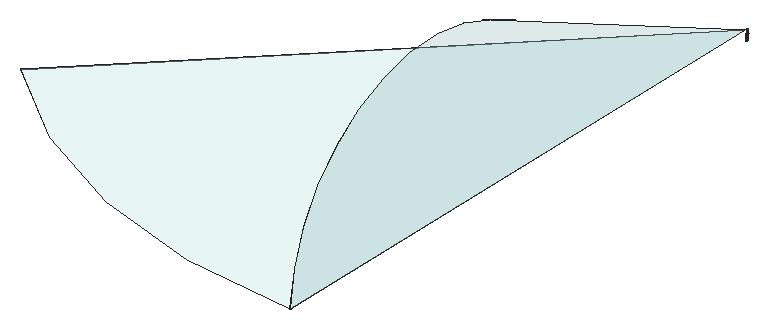
Revit family "Rotor 5000 Series - 5004+PCSAMRSS", category Acessórios do tubo, Revit 2020
Family settings
  Cota do conector redondo = Utilizar diâmetro
  Tipo de parte = Normal
  Número OmniClass = 23.60.30.11.14
  Título OmniClass = Pipework Fittings
  Com base no plano de trabalho = Não
  Sempre na vertical = Sim
  Corte com vazios quando carregada = Não
  Compartilhado = Não
Parameters (values of type "Rain Curtain 6.0")
  Water = Water
  URL = "https://www.rainbird.com/"
  TABLE 65 = "TABLE 65psi"
  TABLE 55 75 = "TABLE 55 75psi"
  TABLE 55 = "TABLE 55psi"
  TABLE 45 = "TABLE 45psi"
  TABLE 35 = "TABLE 35psi"
  TABLE 25 = "TABLE 25psi"
  SupportProjetos: Reviw Date = ""  # constant formula
  SupportProjetos: Reviw = "R00"  # constant formula
  SupportProjetos: Level of Detail = "LOD 300"  # constant formula
  SupportProjetos: Developed = "MICHEL SOARES MOTA"  # constant formula
  SupportProjetos: Creation Date = "07/08/2020"  # constant formula
  Side inlet = no
  Rotation Water Visibility [instance] = Pop up on  # yes
  Rotation Angle [instance] = 45.00°
  RainBird: Product Link = "https://www.rainbird.com/"
  RainBird: Description = "5004+PC-SAM-R-SS Rotor "  # constant formula
  RainBird: Comment [instance] = ""
  RainBird: Code = "Y65750SS"  # constant formula
  Radius [instance] = if(and(Pressure = 25.0 psi, Instance < 25 ft), size_lookup(TABLE 25, "Radius", 0 ft, Instance), if(and(Pressure = 35.0 psi, Instance < 25 ft), size_lookup(TABLE 35, "Radius", 0 ft, Instance), if(and(Pressure = 45.0 psi, Instance < 25 ft), size_lookup(TABLE 45, "Radius", 0 ft, Instance), if(and(Pressure = 55.0 psi, Instance < 13 ft), size_lookup(TABLE 55, "Radius", 0 ft, Instance), if(and(Pressure = 65.0 psi, Instance < 13 ft), size_lookup(TABLE 65, "Radius", 0 ft, Instance), if(and(Pressure > 55.0 psi, Instance > 13 ft), size_lookup(TABLE 55 75, "Radius", 0 ft, Instance), 0 ft))))))  # 50 ft
  RT = 0.009893 ft
  RN = 0.032808 ft
  R5 = 0.03937 ft
  R4 = 0.04101 ft
  R3 = 0.065617 ft
  R2 = 0.075407 ft
  R1 = 0.032808 ft
  Pressure [instance] = 55.0 psi
  Pop up height = 0.334646 ft
  Pop up on [instance] = yes
  Modelo = "5004+PCSAMRSS"  # constant formula
  Instance = 7 ft
  H1 = Body height / 3  # 0.194663 ft
  Flow [instance] = if(and(Pressure = 25.0 psi, Instance < 25 ft), size_lookup(TABLE 25, "Flow", 0.0 GPM, Instance), if(and(Pressure = 35.0 psi, Instance < 25 ft), size_lookup(TABLE 35, "Flow", 0.0 GPM, Instance), if(and(Pressure = 45.0 psi, Instance < 25 ft), size_lookup(TABLE 45, "Flow", 0.0 GPM, Instance), if(and(Pressure = 55.0 psi, Instance < 13 ft), size_lookup(TABLE 55, "Flow", 0.0 GPM, Instance), if(and(Pressure = 65.0 psi, Instance < 13 ft), size_lookup(TABLE 65, "Flow", 0.0 GPM, Instance), if(and(Pressure > 55.0 psi, Instance > 13 ft), size_lookup(TABLE 55 75, "Flow", 0.0 GPM, Instance), 0.0 GPM))))))  # 6.63 GPM
  Fabricante = "Rain Bird"
  Elevação padrão = 0 ft
  Description = RainBird: Description  # "5004+PC-SAM-R-SS Rotor "
  DD13 = 0.002625 ft
  DD12 = 0.003937 ft
  DD11 = 0.009897 ft
  DD10 = 0.016404 ft
  DD8 [instance] = if(Pop up on, Pop up height, 0 ft)  # 0.334646 ft
  DD7 = 0.019685 ft
  DD6 [instance] = 0.016404 ft
  DD5 = 0.065617 ft
  DD4 = 0.032808 ft
  DD3 = 0.091048 ft
  DD2 [instance] = 0.024514 ft
  DD9 [instance] = if(Pop up on, Pop up height + 0.049541 ft, 0 ft)  # 0.384186 ft
  DD1 = 0.006562 ft
  Conection = 0.062664 ft  # constant formula
  Body height = 0.58399 ft
  Blue = Blue Plastic
  Black Plastic = Black Plastic
  Angle = 25.00°
Types (25, lengths in ft): name | Rotation Angle | Radius | Pressure | Instance | Flow
  (no name) | 45.00° | 50 | 55.0 psi | 7 | 6.63 GPM
  Rain Curtain 1.5 | 180.00° | 33 | 25.0 psi | 1 | 1.12 GPM
  Rain Curtain 2.0 | 180.00° | 35 | 25.0 psi | 2 | 1.5 GPM
  Rain Curtain 3.0 | 180.00° | 36 | 25.0 psi | 4 | 2.26 GPM
  Rain Curtain 4.0 | 180.00° | 36 | 25.0 psi | 5 | 2.91 GPM
  Rain Curtain 5.0 | 180.00° | 37 | 25.0 psi | 6 | 3.72 GPM
  Rain Curtain 6.0 | 45.00° | 50 | 55.0 psi | 7 | 6.63 GPM
  Rain Curtain 8.0 | 180.00° | 33 | 25.0 psi | 8 | 5.9 GPM
  Rain Curtain 2.5 | 180.00° | 35 | 25.0 psi | 3 | 1.81 GPM
  1.0 LA | 180.00° | 25 | 25.0 psi | 9 | 0.76 GPM
  1.5 LA | 180.00° | 27 | 25.0 psi | 10 | 1.15 GPM
  2.0 LA | 180.00° | 29 | 25.0 psi | 11 | 1.47 GPM
  3.0 LA | 180.00° | 29 | 25.0 psi | 12 | 2.23 GPM
  PRS Rain Curtain 1.5 | 180.00° | 33 | 25.0 psi | 13 | 1.12 GPM
  PRS Rain Curtain 2.0 | 180.00° | 35 | 25.0 psi | 14 | 1.5 GPM
  PRS Rain Curtain 2.5 | 180.00° | 35 | 25.0 psi | 15 | 1.81 GPM
  PRS Rain Curtain 3.0 | 180.00° | 36 | 25.0 psi | 16 | 2.26 GPM
  PRS Rain Curtain 4.0 | 180.00° | 36 | 25.0 psi | 17 | 2.91 GPM
  PRS Rain Curtain 5.0 | 180.00° | 37 | 25.0 psi | 18 | 3.72 GPM
  PRS Rain Curtain 6.0 | 180.00° | 37 | 25.0 psi | 19 | 4.25 GPM
  PRS Rain Curtain 8.0 | 180.00° | 33 | 25.0 psi | 20 | 5.9 GPM
  PRS 1.0 LA | 180.00° | 25 | 25.0 psi | 21 | 0.76 GPM
  PRS 1.5 LA | 180.00° | 27 | 25.0 psi | 22 | 1.15 GPM
  PRS 2.0 LA | 180.00° | 29 | 25.0 psi | 23 | 1.47 GPM
  PRS 3.0 LA | 180.00° | 29 | 25.0 psi | 24 | 2.23 GPM
Reference planes (ft)
  plane 1 "Centro (Frente/Trás)": y = 0
  plane 2: z = 0
  plane 3 "Centro (Esquerda/Direita)": x = 0
  plane 4: z = 0.003937
  plane 5: z = 0.002625
  plane 6: y = -0.065617
Forms (ft)
  Revolve 1, solid, material "Black Plastic" <- "Black Plastic"
    sketch origin (0, 0, 0) x (1, 0, 0) y (0, 0, 1)
      loop
        line (0.075407, -0.091048) -> (0.075407, -0.035324)
        arc (0.075407, -0.035324) -> (0.072509, -0.028329) -> (0.065514, -0.025431) r 0.009893
        line (0.065514, -0.025431) -> (0.046098, -0.025431) -> (0.046098, 0) -> (0.03937, 0) -> (0.03937, -0.334646) -> (0.019685, -0.334646) -> (0.019685, -0.577428) -> (0.032808, -0.577428) -> (0.032808, -0.58399) -> (0.04101, -0.58399) -> (0.04101, -0.577428) -> (0.055724, -0.577428)
        arc (0.055724, -0.577428) -> (0.062719, -0.57453) -> (0.065617, -0.567535) r 0.009893
        line (0.065617, -0.567535) -> (0.065617, -0.091048) -> (0.075407, -0.091048)
      axis (0, -0.58399) -> (0, 0)
    angle from 0 to 360
  Extrusion 2, solid, material "Black Plastic" <- "Black Plastic"
    sketch origin (0, 0, 0) x (1, 0, 0) y (0, 1, 0)
      loop
        circle (0, 0) r 0.032808
    from -0.334646 to 0.334646
  Extrusion 3, void
    sketch origin (0, 0, 0) x (1, 0, 0) y (0, 1, 0)
      loop
        circle (0, 0) r 0.022844
    from -0.334646 to 0.334646
  Revolve 4, solid, material "Black Plastic" <- "Black Plastic"
    sketch origin (0, 0, 0) x (1, 0, 0) y (0, 0, 1)
      loop
        line (0, 0.334646) -> (0.037004, 0.334646) -> (0.037004, 0.344543)
        arc (0.037004, 0.344543) -> (0.01879, 0.349436) -> (0, 0.35105) r 0.10685
        line (0, 0.35105) -> (0, 0.334646)
      axis (0, 0.334646) -> (0, 0.35105)
    angle from 0 to 360
  Extrusion 5, solid, material "Blue Plastic" <- "Blue"
    sketch origin (0, 0, 0) x (1, 0, 0) y (0, 0, 1)
      loop
        circle (0, 0.310131) r 0.009129
      loop
        circle (0, 0.310131) r 0.004793
    from 0 to 0.034386
  Extrusion 6, void
    sketch origin (0, 0, 0) x (1, 0, 0) y (0, 0, 1)
      loop
        line (-0.02074, 0.328055) -> (-0.02074, 0.282426) -> (0.020672, 0.282426) -> (0.020672, 0.328055) -> (-0.02074, 0.328055)
      loop
        line (-0.018439, 0.325179) -> (-0.018439, 0.285685) -> (0.018179, 0.285685) -> (0.018179, 0.325179) -> (-0.018439, 0.325179)
    from 0.024556 to 0.06931
  Extrusion 7, solid, material "Black Plastic" <- "Black Plastic"
    sketch origin (0, 0, 0) x (1, 0, 0) y (0, 0, 1)
      loop
        line (0.046098, 0) -> (0.046098, -0.036876) -> (0.073493, -0.036876) -> (0.046098, 0)
    from -0.002998 to 0.002998
  Extrusion 8, solid, material "Black Plastic" <- "Black Plastic"
    sketch origin (0, 0, 0) x (-1, 0, 0) y (0, 0, -1)
      loop
        line (0.046098, 0) -> (0.073493, 0.036876) -> (0.046098, 0.036876) -> (0.046098, 0)
    from -0.002998 to 0.002998
  Extrusion 9, solid, material "Black Plastic" <- "Black Plastic"
    sketch origin (0, 0, 0) x (0.866025, 0.5, 0) y (0, 0, 1)
      loop
        line (0.046098, 0) -> (0.046098, -0.036876) -> (0.073493, -0.036876) -> (0.046098, 0)
    from -0.002998 to 0.002998
  Extrusion 10, solid, material "Black Plastic" <- "Black Plastic"
    sketch origin (0, 0, 0) x (-0.866025, -0.5, 0) y (0, 0, -1)
      loop
        line (0.046098, 0) -> (0.073493, 0.036876) -> (0.046098, 0.036876) -> (0.046098, 0)
    from -0.002998 to 0.002998
  Extrusion 11, solid, material "Black Plastic" <- "Black Plastic"
    sketch origin (0, 0, 0) x (0, 1, 0) y (0, 0, 1)
      loop
        line (0.046098, 0) -> (0.046098, -0.036876) -> (0.073493, -0.036876) -> (0.046098, 0)
    from -0.002998 to 0.002998
  Extrusion 12, solid, material "Black Plastic" <- "Black Plastic"
    sketch origin (0, 0, 0) x (0, -1, 0) y (0, 0, -1)
      loop
        line (0.046098, 0) -> (0.073493, 0.036876) -> (0.046098, 0.036876) -> (0.046098, 0)
    from -0.002998 to 0.002998
  Extrusion 13, solid, material "Black Plastic" <- "Black Plastic"
    sketch origin (0, 0, 0) x (0.5, 0.866025, 0) y (0, 0, 1)
      loop
        line (0.046098, 0) -> (0.046098, -0.036876) -> (0.073493, -0.036876) -> (0.046098, 0)
    from -0.002998 to 0.002998
  Extrusion 14, solid, material "Black Plastic" <- "Black Plastic"
    sketch origin (0, 0, 0) x (-0.5, -0.866025, 0) y (0, 0, -1)
      loop
        line (0.046098, 0) -> (0.073493, 0.036876) -> (0.046098, 0.036876) -> (0.046098, 0)
    from -0.002998 to 0.002998
  Extrusion 15, solid, material "Black Plastic" <- "Black Plastic"
    sketch origin (0, 0, 0) x (-0.5, 0.866025, 0) y (0, 0, 1)
      loop
        line (0.046098, 0) -> (0.046098, -0.036876) -> (0.073493, -0.036876) -> (0.046098, 0)
    from -0.002998 to 0.002998
  Extrusion 16, solid, material "Black Plastic" <- "Black Plastic"
    sketch origin (0, 0, 0) x (0.5, -0.866025, 0) y (0, 0, -1)
      loop
        line (0.046098, 0) -> (0.073493, 0.036876) -> (0.046098, 0.036876) -> (0.046098, 0)
    from -0.002998 to 0.002998
  Extrusion 17, solid, material "Black Plastic" <- "Black Plastic"
    sketch origin (0, 0, 0) x (-0.866025, 0.5, 0) y (0, 0, 1)
      loop
        line (0.046098, 0) -> (0.046098, -0.036876) -> (0.073493, -0.036876) -> (0.046098, 0)
    from -0.002998 to 0.002998
  Extrusion 18, solid, material "Black Plastic" <- "Black Plastic"
    sketch origin (0, 0, 0) x (0.866025, -0.5, 0) y (0, 0, -1)
      loop
        line (0.046098, 0) -> (0.073493, 0.036876) -> (0.046098, 0.036876) -> (0.046098, 0)
    from -0.002998 to 0.002998
  Extrusion 19, void
    sketch origin (0, 0, 0) x (1, 0, 0) y (0, 1, 0)
      loop
        line (-0.002998, 0.077702) -> (-0.002998, 0.071655) -> (0.002998, 0.071655) -> (0.002998, 0.077702) -> (-0.002998, 0.077702)
    from -0.091048 to 0.82021
  Extrusion 20, void
    sketch origin (0, 0, 0) x (1, 0, 0) y (0, 1, 0)
      loop
        line (0.002998, -0.077702) -> (0.002998, -0.071655) -> (-0.002998, -0.071655) -> (-0.002998, -0.077702) -> (0.002998, -0.077702)
    from -0.091048 to 0.82021
  Extrusion 21, void
    sketch origin (0, 0, 0) x (0.965926, 0.258819, 0) y (-0.258819, 0.965926, 0)
      loop
        line (-0.002998, 0.077702) -> (-0.002998, 0.071655) -> (0.002998, 0.071655) -> (0.002998, 0.077702) -> (-0.002998, 0.077702)
    from -0.091048 to 0.82021
  Extrusion 22, void
    sketch origin (0, 0, 0) x (0.965926, 0.258819, 0) y (-0.258819, 0.965926, 0)
      loop
        line (0.002998, -0.077702) -> (0.002998, -0.071655) -> (-0.002998, -0.071655) -> (-0.002998, -0.077702) -> (0.002998, -0.077702)
    from -0.091048 to 0.82021
  Extrusion 23, void
    sketch origin (0, 0, 0) x (0.866025, 0.5, 0) y (-0.5, 0.866025, 0)
      loop
        line (-0.002998, 0.077702) -> (-0.002998, 0.071655) -> (0.002998, 0.071655) -> (0.002998, 0.077702) -> (-0.002998, 0.077702)
    from -0.091048 to 0.82021
  Extrusion 24, void
    sketch origin (0, 0, 0) x (0.866025, 0.5, 0) y (-0.5, 0.866025, 0)
      loop
        line (0.002998, -0.077702) -> (0.002998, -0.071655) -> (-0.002998, -0.071655) -> (-0.002998, -0.077702) -> (0.002998, -0.077702)
    from -0.091048 to 0.82021
  Extrusion 25, void
    sketch origin (0, 0, 0) x (0.5, 0.866025, 0) y (-0.866025, 0.5, 0)
      loop
        line (-0.002998, 0.077702) -> (-0.002998, 0.071655) -> (0.002998, 0.071655) -> (0.002998, 0.077702) -> (-0.002998, 0.077702)
    from -0.091048 to 0.82021
  Extrusion 26, void
    sketch origin (0, 0, 0) x (0.5, 0.866025, 0) y (-0.866025, 0.5, 0)
      loop
        line (0.002998, -0.077702) -> (0.002998, -0.071655) -> (-0.002998, -0.071655) -> (-0.002998, -0.077702) -> (0.002998, -0.077702)
    from -0.091048 to 0.82021
  Extrusion 27, void
    sketch origin (0, 0, 0) x (0.707107, 0.707107, 0) y (-0.707107, 0.707107, 0)
      loop
        line (-0.002998, 0.077702) -> (-0.002998, 0.071655) -> (0.002998, 0.071655) -> (0.002998, 0.077702) -> (-0.002998, 0.077702)
    from -0.091048 to 0.82021
  Extrusion 28, void
    sketch origin (0, 0, 0) x (0.707107, 0.707107, 0) y (-0.707107, 0.707107, 0)
      loop
        line (0.002998, -0.077702) -> (0.002998, -0.071655) -> (-0.002998, -0.071655) -> (-0.002998, -0.077702) -> (0.002998, -0.077702)
    from -0.091048 to 0.82021
  Extrusion 29, void
    sketch origin (0, 0, 0) x (0.258819, 0.965926, 0) y (-0.965926, 0.258819, 0)
      loop
        line (-0.002998, 0.077702) -> (-0.002998, 0.071655) -> (0.002998, 0.071655) -> (0.002998, 0.077702) -> (-0.002998, 0.077702)
    from -0.091048 to 0.82021
  Extrusion 30, void
    sketch origin (0, 0, 0) x (0.258819, 0.965926, 0) y (-0.965926, 0.258819, 0)
      loop
        line (0.002998, -0.077702) -> (0.002998, -0.071655) -> (-0.002998, -0.071655) -> (-0.002998, -0.077702) -> (0.002998, -0.077702)
    from -0.091048 to 0.82021
  Extrusion 31, void
    sketch origin (0, 0, 0) x (0, 1, 0) y (-1, 0, 0)
      loop
        line (-0.002998, 0.077702) -> (-0.002998, 0.071655) -> (0.002998, 0.071655) -> (0.002998, 0.077702) -> (-0.002998, 0.077702)
    from -0.091048 to 0.82021
  Extrusion 32, void
    sketch origin (0, 0, 0) x (0, 1, 0) y (-1, 0, 0)
      loop
        line (0.002998, -0.077702) -> (0.002998, -0.071655) -> (-0.002998, -0.071655) -> (-0.002998, -0.077702) -> (0.002998, -0.077702)
    from -0.091048 to 0.82021
  Extrusion 33, void
    sketch origin (0, 0, 0) x (-0.258819, 0.965926, 0) y (-0.965926, -0.258819, 0)
      loop
        line (-0.002998, 0.077702) -> (-0.002998, 0.071655) -> (0.002998, 0.071655) -> (0.002998, 0.077702) -> (-0.002998, 0.077702)
    from -0.091048 to 0.82021
  Extrusion 34, void
    sketch origin (0, 0, 0) x (-0.258819, 0.965926, 0) y (-0.965926, -0.258819, 0)
      loop
        line (0.002998, -0.077702) -> (0.002998, -0.071655) -> (-0.002998, -0.071655) -> (-0.002998, -0.077702) -> (0.002998, -0.077702)
    from -0.091048 to 0.82021
  Extrusion 35, void
    sketch origin (0, 0, 0) x (-0.5, 0.866025, 0) y (-0.866025, -0.5, 0)
      loop
        line (-0.002998, 0.077702) -> (-0.002998, 0.071655) -> (0.002998, 0.071655) -> (0.002998, 0.077702) -> (-0.002998, 0.077702)
    from -0.091048 to 0.82021
  Extrusion 36, void
    sketch origin (0, 0, 0) x (-0.5, 0.866025, 0) y (-0.866025, -0.5, 0)
      loop
        line (0.002998, -0.077702) -> (0.002998, -0.071655) -> (-0.002998, -0.071655) -> (-0.002998, -0.077702) -> (0.002998, -0.077702)
    from -0.091048 to 0.82021
  Extrusion 37, void
    sketch origin (0, 0, 0) x (-0.707107, 0.707107, 0) y (-0.707107, -0.707107, 0)
      loop
        line (-0.002998, 0.077702) -> (-0.002998, 0.071655) -> (0.002998, 0.071655) -> (0.002998, 0.077702) -> (-0.002998, 0.077702)
    from -0.091048 to 0.82021
  Extrusion 38, void
    sketch origin (0, 0, 0) x (-0.707107, 0.707107, 0) y (-0.707107, -0.707107, 0)
      loop
        line (0.002998, -0.077702) -> (0.002998, -0.071655) -> (-0.002998, -0.071655) -> (-0.002998, -0.077702) -> (0.002998, -0.077702)
    from -0.091048 to 0.82021
  Extrusion 39, void
    sketch origin (0, 0, 0) x (-0.866025, 0.5, 0) y (-0.5, -0.866025, 0)
      loop
        line (-0.002998, 0.077702) -> (-0.002998, 0.071655) -> (0.002998, 0.071655) -> (0.002998, 0.077702) -> (-0.002998, 0.077702)
    from -0.091048 to 0.82021
  Extrusion 40, void
    sketch origin (0, 0, 0) x (-0.866025, 0.5, 0) y (-0.5, -0.866025, 0)
      loop
        line (0.002998, -0.077702) -> (0.002998, -0.071655) -> (-0.002998, -0.071655) -> (-0.002998, -0.077702) -> (0.002998, -0.077702)
    from -0.091048 to 0.82021
  Extrusion 41, void
    sketch origin (0, 0, 0) x (-0.965926, 0.258819, 0) y (-0.258819, -0.965926, 0)
      loop
        line (-0.002998, 0.077702) -> (-0.002998, 0.071655) -> (0.002998, 0.071655) -> (0.002998, 0.077702) -> (-0.002998, 0.077702)
    from -0.091048 to 0.82021
  Extrusion 42, void
    sketch origin (0, 0, 0) x (-0.965926, 0.258819, 0) y (-0.258819, -0.965926, 0)
      loop
        line (0.002998, -0.077702) -> (0.002998, -0.071655) -> (-0.002998, -0.071655) -> (-0.002998, -0.077702) -> (0.002998, -0.077702)
    from -0.091048 to 0.82021
  Extrusion 43, solid, material "Water" <- "Water", visible <- "Rotation Water Visibility"
    sketch origin (0, 0, 0) x (0, 1, 0) y (0, 0, 1)
      loop
        line (-0.032808, 0.310131) -> (-28.112196, 13.403765)
        arc (-28.112196, 13.403765) -> (-42.542576, 12.666347) -> (-50.032808, 0.310131) r 15.426605
        line (-50.032808, 0.310131) -> (-0.032808, 0.310131)
    from -0.008202 to 0.008202
Cuts and joins
  Extrusion 3, Extrusion 6 cuts Extrusion 2
  Extrusion 19, Extrusion 20, Extrusion 21, Extrusion 22, Extrusion 23, Extrusion 24, Extrusion 25, Extrusion 26, Extrusion 27, Extrusion 28, Extrusion 29, Extrusion 30, Extrusion 31, Extrusion 32, Extrusion 33, Extrusion 34, Extrusion 35, Extrusion 36, Extrusion 37, Extrusion 38, Extrusion 39, Extrusion 40, Extrusion 41, Extrusion 42 cuts Revolve 1
Dimensions and locks (ft)
  "Body height": level to Revolve 1 sketch curve
  "R2": Revolve 1 sketch curve to plane 3 "Centro (Esquerda/Direita)"
  "DD1": Revolve 1 sketch curve to Revolve 1 sketch curve
  "DD3": level to Revolve 1 sketch curve
  Revolve 1 sketch curve to plane 3 "Centro (Esquerda/Direita)" = 0.065617 ft
  "R4": Revolve 1 sketch curve to plane 3 "Centro (Esquerda/Direita)"
  "RN": Revolve 1 sketch curve to plane 3 "Centro (Esquerda/Direita)"
  "Pop up height": level to Revolve 1 sketch curve
  "R5": plane 3 "Centro (Esquerda/Direita)" to Revolve 1 sketch curve
  "DD7": Revolve 1 sketch curve to plane 3 "Centro (Esquerda/Direita)"
  "DD8": Extrusion 2 to level
  "DD12": plane 4 to level
  "DD13": plane 5 to level
  "R3": plane 6 to plane 1 "Centro (Frente/Trás)"
  "DD5": Revolve 1 sketch curve to Revolve 1 sketch curve
  "DD10": Revolve 4 sketch curve to Revolve 4 sketch curve
  "DD11": Revolve 4 sketch curve to Revolve 4 sketch curve
  "DD2": Revolve 4 to Extrusion 5 sketch curve  (x2)
  Extrusion 7 to plane 3 "Centro (Esquerda/Direita)" = 0.046098 ft
  equal spacing: Extrusion 7, plane 1 "Centro (Frente/Trás)", Extrusion 7
  Extrusion 8 to Extrusion 8 = 0.005995 ft
  Extrusion 9 to Extrusion 9 = 0.005995 ft
  Extrusion 20 sketch curve to Extrusion 20 sketch curve = 0.005995 ft
  Extrusion 22 sketch curve to Extrusion 22 sketch curve = 0.005995 ft
  Extrusion 24 sketch curve to Extrusion 24 sketch curve = 0.005995 ft
  Extrusion 26 sketch curve to Extrusion 26 sketch curve = 0.005995 ft
  Extrusion 28 sketch curve to Extrusion 28 sketch curve = 0.005995 ft
  Extrusion 30 sketch curve to Extrusion 30 sketch curve = 0.005995 ft
  Extrusion 32 sketch curve to Extrusion 32 sketch curve = 0.005995 ft
  Extrusion 34 sketch curve to Extrusion 34 sketch curve = 0.005995 ft
  Extrusion 36 sketch curve to Extrusion 36 sketch curve = 0.005995 ft
  Extrusion 38 sketch curve to Extrusion 38 sketch curve = 0.005995 ft
  Extrusion 40 sketch curve to Extrusion 40 sketch curve = 0.005995 ft
  Extrusion 42 sketch curve to Extrusion 42 sketch curve = 0.005995 ft
  "DD4": plane 1 "Centro (Frente/Trás)" to Extrusion 43 sketch curve
  "DD2": Revolve 4 to Extrusion 43 sketch curve
  "Radius": Extrusion 43 sketch curve to Extrusion 43 sketch curve
  equal spacing: Extrusion 43, plane 3 "Centro (Esquerda/Direita)", Extrusion 43
  "DD6": Extrusion 43 to Extrusion 43
  "DD2": Revolve 4 to nested 1
  "RT": radius of Revolve 1 sketch curve  (x2)
  "R1": radius of Extrusion 2 sketch curve
  "Angle": angle Extrusion 43 sketch curve to Extrusion 43 sketch curve
  aligned and locked: level to plane 2
  aligned and locked: Revolve 1 sketch curve to Revolve 1 sketch curve
  aligned and locked: Extrusion 2 to Revolve 1
  aligned and locked: cut or joined group of Extrusion 2, Extrusion 3, Extrusion 6 to cut or joined group of Extrusion 2, Extrusion 3, Extrusion 6  (x2)
  aligned and locked: Revolve 4 sketch curve to cut or joined group of Extrusion 2, Extrusion 3, Extrusion 6
  aligned and locked: Extrusion 20 to Revolve 1
  aligned and locked: Extrusion 22 to Revolve 1
  aligned and locked: Extrusion 24 to Revolve 1
  aligned and locked: Extrusion 28 to Revolve 1
  aligned and locked: Extrusion 26 to Revolve 1
  aligned and locked: Extrusion 30 to Revolve 1
  aligned and locked: Extrusion 32 to Revolve 1
  aligned and locked: Extrusion 34 to Revolve 1
  aligned and locked: Revolve 1 to Extrusion 36
  aligned and locked: Revolve 1 to Extrusion 38
  aligned and locked: Extrusion 41 to Revolve 1
  aligned and locked: Extrusion 39 to Revolve 1
  aligned and locked: Extrusion 37 to Revolve 1
  aligned and locked: Extrusion 35 to Revolve 1
  aligned and locked: Extrusion 33 to Revolve 1
  aligned and locked: Extrusion 31 to Revolve 1
  aligned and locked: Extrusion 29 to Revolve 1
  aligned and locked: Revolve 1 to Extrusion 25
  aligned and locked: Revolve 1 to Extrusion 27
  aligned and locked: Revolve 1 to Extrusion 19
  aligned and locked: Revolve 1 to Extrusion 21
  aligned and locked: Revolve 1 to Extrusion 42
  aligned and locked: Revolve 1 to Extrusion 40
  aligned and locked: Revolve 1 to Extrusion 23
Automatic sketch dimensions
  plane 1 "Centro (Frente/Trás)" to Extrusion 2 sketch curve = 0 ft
  Extrusion 2 sketch curve to plane 3 "Centro (Esquerda/Direita)" = 0 ft
  plane 1 "Centro (Frente/Trás)" to Extrusion 3 sketch curve = 0 ft
  Extrusion 3 sketch curve to plane 3 "Centro (Esquerda/Direita)" = 0 ft
  Revolve 4 sketch curve to plane 3 "Centro (Esquerda/Direita)" = 0 ft  (x2)
  plane 3 "Centro (Esquerda/Direita)" to Revolve 4 sketch curve = 0.000284 ft
  plane 3 "Centro (Esquerda/Direita)" to Revolve 4 sketch curve = 0.037004 ft
  Revolve 4 sketch curve to Revolve 4 sketch curve = 0.015719 ft
  Revolve 4 sketch curve to Revolve 4 sketch curve = 0.114829 ft
  Extrusion 5 sketch curve to Extrusion 5 sketch curve = 0 ft
  Extrusion 5 sketch curve to plane 3 "Centro (Esquerda/Direita)" = 0 ft
  Extrusion 6 sketch curve to plane 3 "Centro (Esquerda/Direita)" = 0.02074 ft
  Extrusion 6 sketch curve to Extrusion 6 sketch curve = 0.002301 ft
  plane 3 "Centro (Esquerda/Direita)" to Extrusion 6 sketch curve = 0.018179 ft
  Extrusion 6 sketch curve to Extrusion 6 sketch curve = 0.002492 ft
  plane 4 to Extrusion 6 sketch curve = 0.278489 ft
  Extrusion 6 sketch curve to Extrusion 6 sketch curve = 0.003259 ft
  Extrusion 6 sketch curve to Extrusion 6 sketch curve = 0.039494 ft
  Extrusion 6 sketch curve to Extrusion 6 sketch curve = 0.002876 ft
  Extrusion 7 sketch curve to level = 0 ft
  plane 3 "Centro (Esquerda/Direita)" to Extrusion 7 sketch curve = 0.046098 ft
  Extrusion 7 sketch curve to Extrusion 7 sketch curve = 0.027396 ft
  Extrusion 7 sketch curve to Extrusion 7 sketch curve = 0.036876 ft
  Extrusion 8 sketch curve to level = 0 ft
  plane 3 "Centro (Esquerda/Direita)" to Extrusion 8 sketch curve = 0.046098 ft
  Extrusion 8 sketch curve to Extrusion 8 sketch curve = 0.027396 ft
  Extrusion 8 sketch curve to Extrusion 8 sketch curve = 0.036876 ft
  Extrusion 9 sketch curve to level = 0 ft
  Extrusion 9 sketch curve to level = 0.036876 ft
  Extrusion 9 sketch curve to Extrusion 9 sketch curve = 0.027396 ft
  Extrusion 10 sketch curve to level = 0 ft
  Extrusion 10 sketch curve to level = 0.036876 ft
  Extrusion 10 sketch curve to Extrusion 10 sketch curve = 0.027396 ft
  Extrusion 11 sketch curve to level = 0 ft
  Extrusion 11 sketch curve to plane 1 "Centro (Frente/Trás)" = 0.046098 ft
  Extrusion 11 sketch curve to Extrusion 11 sketch curve = 0.027396 ft
  Extrusion 11 sketch curve to Extrusion 11 sketch curve = 0.036876 ft
  Extrusion 12 sketch curve to level = 0 ft
  plane 6 to Extrusion 12 sketch curve = 0.019519 ft
  Extrusion 12 sketch curve to plane 6 = 0.007877 ft
  Extrusion 12 sketch curve to level = 0.036876 ft
  Extrusion 13 sketch curve to level = 0 ft
  Extrusion 13 sketch curve to level = 0.036876 ft
  Extrusion 13 sketch curve to Extrusion 13 sketch curve = 0.027396 ft
  Extrusion 14 sketch curve to level = 0 ft
  Extrusion 14 sketch curve to level = 0.036876 ft
  Extrusion 14 sketch curve to Extrusion 14 sketch curve = 0.027396 ft
  level to Extrusion 15 sketch curve = 0 ft
  Extrusion 15 sketch curve to level = 0.036876 ft
  Extrusion 15 sketch curve to Extrusion 15 sketch curve = 0.027396 ft
  level to Extrusion 16 sketch curve = 0 ft
  Extrusion 16 sketch curve to level = 0.036876 ft
  Extrusion 16 sketch curve to Extrusion 16 sketch curve = 0.027396 ft
  level to Extrusion 17 sketch curve = 0 ft
  Extrusion 17 sketch curve to level = 0.036876 ft
  Extrusion 17 sketch curve to Extrusion 17 sketch curve = 0.027396 ft
  level to Extrusion 18 sketch curve = 0 ft
  Extrusion 18 sketch curve to level = 0.036876 ft
  Extrusion 18 sketch curve to Extrusion 18 sketch curve = 0.027396 ft
  Extrusion 19 sketch curve to plane 3 "Centro (Esquerda/Direita)" = 0.002998 ft
  Extrusion 19 sketch curve to plane 1 "Centro (Frente/Trás)" = 0.071655 ft
  Extrusion 19 sketch curve to Extrusion 19 sketch curve = 0.006047 ft
  plane 3 "Centro (Esquerda/Direita)" to Extrusion 20 sketch curve = 0.002998 ft
  plane 6 to Extrusion 20 sketch curve = 0.006038 ft
  Extrusion 20 sketch curve to Extrusion 20 sketch curve = 0.006047 ft
  plane 3 "Centro (Esquerda/Direita)" to Extrusion 19 sketch curve = 0.002998 ft
  Extrusion 21 sketch curve to plane 3 "Centro (Esquerda/Direita)" = 0.021441 ft
  Extrusion 21 sketch curve to plane 1 "Centro (Frente/Trás)" = 0.068438 ft
  Extrusion 21 sketch curve to Extrusion 21 sketch curve = 0.005995 ft
  Extrusion 21 sketch curve to Extrusion 21 sketch curve = 0.006047 ft
  Extrusion 22 sketch curve to plane 6 = 0.010213 ft
  plane 3 "Centro (Esquerda/Direita)" to Extrusion 22 sketch curve = 0.017215 ft
  Extrusion 22 sketch curve to Extrusion 22 sketch curve = 0.006047 ft
  Extrusion 23 sketch curve to plane 3 "Centro (Esquerda/Direita)" = 0.038424 ft
  Extrusion 23 sketch curve to plane 1 "Centro (Frente/Trás)" = 0.060556 ft
  Extrusion 23 sketch curve to Extrusion 23 sketch curve = 0.005995 ft
  Extrusion 23 sketch curve to Extrusion 23 sketch curve = 0.006047 ft
  Extrusion 24 sketch curve to plane 6 = 0.003174 ft
  plane 3 "Centro (Esquerda/Direita)" to Extrusion 24 sketch curve = 0.036255 ft
  Extrusion 24 sketch curve to Extrusion 24 sketch curve = 0.006047 ft
  Extrusion 25 sketch curve to plane 1 "Centro (Frente/Trás)" = 0.033231 ft
  Extrusion 25 sketch curve to plane 3 "Centro (Esquerda/Direita)" = 0.063554 ft
  Extrusion 25 sketch curve to Extrusion 25 sketch curve = 0.005995 ft
  Extrusion 25 sketch curve to Extrusion 25 sketch curve = 0.006047 ft
  Extrusion 26 sketch curve to plane 6 = 0.02417 ft
  Extrusion 26 sketch curve to plane 3 "Centro (Esquerda/Direita)" = 0.065793 ft
  Extrusion 26 sketch curve to Extrusion 26 sketch curve = 0.006047 ft
  Extrusion 27 sketch curve to plane 1 "Centro (Frente/Trás)" = 0.048548 ft
  Extrusion 27 sketch curve to plane 3 "Centro (Esquerda/Direita)" = 0.052787 ft
  Extrusion 27 sketch curve to Extrusion 27 sketch curve = 0.005995 ft
  Extrusion 27 sketch curve to Extrusion 27 sketch curve = 0.006047 ft
  plane 6 to Extrusion 28 sketch curve = 0.008554 ft
  plane 3 "Centro (Esquerda/Direita)" to Extrusion 28 sketch curve = 0.052824 ft
  Extrusion 28 sketch curve to Extrusion 28 sketch curve = 0.006047 ft
  Extrusion 29 sketch curve to plane 1 "Centro (Frente/Trás)" = 0.01565 ft
  Extrusion 29 sketch curve to plane 3 "Centro (Esquerda/Direita)" = 0.069989 ft
  Extrusion 29 sketch curve to Extrusion 29 sketch curve = 0.005995 ft
  Extrusion 29 sketch curve to Extrusion 29 sketch curve = 0.006047 ft
  plane 1 "Centro (Frente/Trás)" to Extrusion 30 sketch curve = 0.023006 ft
  plane 3 "Centro (Esquerda/Direita)" to Extrusion 30 sketch curve = 0.074278 ft
  Extrusion 30 sketch curve to Extrusion 30 sketch curve = 0.006047 ft
  plane 1 "Centro (Frente/Trás)" to Extrusion 31 sketch curve = 0.002998 ft
  Extrusion 31 sketch curve to plane 1 "Centro (Frente/Trás)" = 0.002998 ft
  Extrusion 31 sketch curve to plane 3 "Centro (Esquerda/Direita)" = 0.071655 ft
  Extrusion 31 sketch curve to Extrusion 31 sketch curve = 0.006047 ft
  plane 1 "Centro (Frente/Trás)" to Extrusion 32 sketch curve = 0.002998 ft
  plane 3 "Centro (Esquerda/Direita)" to Extrusion 32 sketch curve = 0.077702 ft
  Extrusion 32 sketch curve to Extrusion 32 sketch curve = 0.006047 ft
  plane 1 "Centro (Frente/Trás)" to Extrusion 33 sketch curve = 0.021441 ft
  Extrusion 33 sketch curve to plane 3 "Centro (Esquerda/Direita)" = 0.068438 ft
  Extrusion 33 sketch curve to Extrusion 33 sketch curve = 0.005995 ft
  Extrusion 33 sketch curve to Extrusion 33 sketch curve = 0.006047 ft
  Extrusion 34 sketch curve to plane 1 "Centro (Frente/Trás)" = 0.017215 ft
  plane 3 "Centro (Esquerda/Direita)" to Extrusion 34 sketch curve = 0.07583 ft
  Extrusion 34 sketch curve to Extrusion 34 sketch curve = 0.006047 ft
  plane 6 to Extrusion 35 sketch curve = 0.027193 ft
  Extrusion 35 sketch curve to plane 3 "Centro (Esquerda/Direita)" = 0.060556 ft
  Extrusion 35 sketch curve to Extrusion 35 sketch curve = 0.005995 ft
  Extrusion 35 sketch curve to Extrusion 35 sketch curve = 0.006047 ft
  Extrusion 36 sketch curve to plane 1 "Centro (Frente/Trás)" = 0.036255 ft
  plane 3 "Centro (Esquerda/Direita)" to Extrusion 36 sketch curve = 0.068791 ft
  Extrusion 36 sketch curve to Extrusion 36 sketch curve = 0.006047 ft
  plane 6 to Extrusion 37 sketch curve = 0.012829 ft
  Extrusion 37 sketch curve to plane 3 "Centro (Esquerda/Direita)" = 0.048548 ft
  Extrusion 37 sketch curve to Extrusion 37 sketch curve = 0.005995 ft
  Extrusion 37 sketch curve to Extrusion 37 sketch curve = 0.006047 ft
  Extrusion 38 sketch curve to plane 1 "Centro (Frente/Trás)" = 0.052824 ft
  plane 3 "Centro (Esquerda/Direita)" to Extrusion 38 sketch curve = 0.057063 ft
  Extrusion 38 sketch curve to Extrusion 38 sketch curve = 0.006047 ft
  plane 6 to Extrusion 39 sketch curve = 0.002063 ft
  Extrusion 39 sketch curve to plane 3 "Centro (Esquerda/Direita)" = 0.033231 ft
  Extrusion 39 sketch curve to Extrusion 39 sketch curve = 0.005995 ft
  Extrusion 39 sketch curve to Extrusion 39 sketch curve = 0.006047 ft
  plane 3 "Centro (Esquerda/Direita)" to Extrusion 40 sketch curve = 0.041447 ft
  Extrusion 40 sketch curve to plane 1 "Centro (Frente/Trás)" = 0.065793 ft
  Extrusion 40 sketch curve to Extrusion 40 sketch curve = 0.006047 ft
  Extrusion 41 sketch curve to plane 6 = 0.004372 ft
  Extrusion 41 sketch curve to plane 3 "Centro (Esquerda/Direita)" = 0.01565 ft
  Extrusion 41 sketch curve to Extrusion 41 sketch curve = 0.005995 ft
  Extrusion 41 sketch curve to Extrusion 41 sketch curve = 0.006047 ft
  plane 3 "Centro (Esquerda/Direita)" to Extrusion 42 sketch curve = 0.023006 ft
  Extrusion 42 sketch curve to plane 1 "Centro (Frente/Trás)" = 0.074278 ft
  Extrusion 42 sketch curve to Extrusion 42 sketch curve = 0.006047 ft
  Revolve 1 sketch curve to plane 3 "Centro (Esquerda/Direita)" = 0 ft
  Revolve 1 sketch curve to level = 0 ft
  Revolve 1 sketch curve to Revolve 1 sketch curve = 0.019416 ft
  plane 4 to Revolve 1 sketch curve = 0.079347 ft
  Revolve 1 sketch curve to Revolve 1 sketch curve = 0.918635 ft
  Extrusion 43 sketch curve to level = 0.577487 ft
  radius of Extrusion 3 sketch curve = 0.022844 ft
  radius of Extrusion 5 sketch curve = 0.009129 ft
  radius of Extrusion 5 sketch curve = 0.004793 ft
Nested families (ft)
  nested 1: "Water" at (-0.000176, 0, 0.190873) x (0, -1, 0) z (0, 0, 1), DT9 <- "DD4", Radius <- "Radius", visible <- "Rotation Water Visibility", Rotation Angle <- "Rotation Angle", type "Water"
    with Rotation Angle 45.00°, Radius 50 ft, DT9 0.032808 ft, DT8 0 ft, DT7 200 ft, DT4 250 ft, Angle 2 315.00°
Connectors (ft)
  piping at (0, 0, -0.58399), diameter 2
    settings: on cut or joined group of Revolve 1, Extrusion 19, Extrusion 20, Extrusion 21, Extrusion 22, Extrusion 23, Extrusion 24, Extrusion 25, Extrusion 26, Extrusion 27, Extrusion 28, Extrusion 29, Extrusion 30, Extrusion 31, Extrusion 32, Extrusion 33, Extrusion 34, Extrusion 35, Extrusion 36, Extrusion 37, Extrusion 38, Extrusion 39, Extrusion 40, Extrusion 41, Extrusion 42, index 1, connector inside diameter 609.6 mm, connector length 0 ft, flow factor 0, pipe flow 0.0 GPM, pressure drop 0.0 psi, fitting loss kfactor 0, connector angle 0.00°, fixture units 0, engagement length 0 ft, angle of deflection 0.00°, flow configuration 0, flow direction 0, fitting loss method 0, system type 28, joint type 0, gender type 0, connector reference index -1, connector utility 0, adjustable connector no, is connector primary yes, connector description ""
Definition of nested family "Water"
  Parameters (values of type "Water")
    Water Visibility (Circle) = yes
    Water = none
    URL = ""
    SupportProjetos: Reviw Date = ""  # constant formula
    SupportProjetos: Level of Detail = "LOD 300"  # constant formula
    SupportProjetos: Developed = "MICHEL SOARES MOTA"  # constant formula
    SupportProjetos: Creation Date = "16/07/2020"  # constant formula
    Rotation Angle [instance] = 90.00°
    Reviw = "R00"  # constant formula
    Radius [instance] = 14 ft
    Model = ""
    Default Elevation = 4 ft
    Description = ""
    DT9 [instance] = 0.032808 ft
    DT8 [instance] = if(Rotation Angle = 360.00°, 10 ft, 0 ft)  # 0 ft
    DT7 [instance] = 4 * Radius  # 56 ft
    DT4 [instance] = 5 * Radius  # 70 ft
    DT2 = 0.098425 ft  # constant formula
    DT6 = 0 ft
    Angle 2 [instance] = if(Rotation Angle = 360.00°, 180.00°, 360.00° - Rotation Angle)  # 270.00°
  Reference planes (ft)
    plane 1 "Centro (Frente/Trás)": y = 0
    plane 2: z = 0
    plane 3 "Centro (Esquerda/Direita)": x = 0
  Forms (ft)
    Revolve 1, solid, material <- "Water", visible <- "Water Visibility (Circle)"
      sketch origin (0, 0, 0) x (1, 0, 0) y (0, 0, 1)
        loop
          line (0.032808, 0.098425) -> (14.032808, 0.098425) -> (14.032808, 0.119259) -> (0.032808, 0.119259) -> (0.032808, 0.098425)
        axis (0, 0.098425) -> (0, 0.119259)
      angle from 0 to 360
    Extrusion 2, void
      sketch origin (0, 0, 0) x (1, 0, 0) y (0, 1, 0)
        loop
          line (0, 0) -> (70, 0) -> (70, 56)
          arc (70, 56) -> (-70.459018, 51.588344) -> (0, -70) r 81.847109
          line (0, -70) -> (0, 0)
      from 0 to 15.189231
  Cuts and joins
    Extrusion 2 cuts Revolve 1
  Dimensions and locks (ft)
    "DT2": Revolve 1 sketch curve to level
    "DT4": Extrusion 2 sketch curve to Extrusion 2 sketch curve  (x2)
    "DT6": Extrusion 2 sketch curve to plane 3 "Centro (Esquerda/Direita)"
    "DT7": Extrusion 2 sketch curve to Extrusion 2 sketch curve
    "DT8": cut or joined group of Revolve 1, Extrusion 2 to level
    "Radius": Revolve 1 sketch curve to Revolve 1 sketch curve
    "DT9": Revolve 1 sketch curve to plane 3 "Centro (Esquerda/Direita)"
    "Angle 2": angle Extrusion 2 sketch curve to Extrusion 2 sketch curve
    aligned and locked: level to plane 2
    aligned and locked: plane 1 "Centro (Frente/Trás)" to Extrusion 2 sketch curve
  Automatic sketch dimensions
    plane 3 "Centro (Esquerda/Direita)" to Extrusion 2 sketch curve = 1.088227 ft
    Revolve 1 sketch curve to plane 3 "Centro (Esquerda/Direita)" = 0 ft
    Revolve 1 sketch curve to Revolve 1 sketch curve = 0.020833 ft
    Revolve 1 sketch curve to Revolve 1 sketch curve = 0.032113 ft
    Revolve 1 sketch curve to Revolve 1 sketch curve = 10.2693 ft
